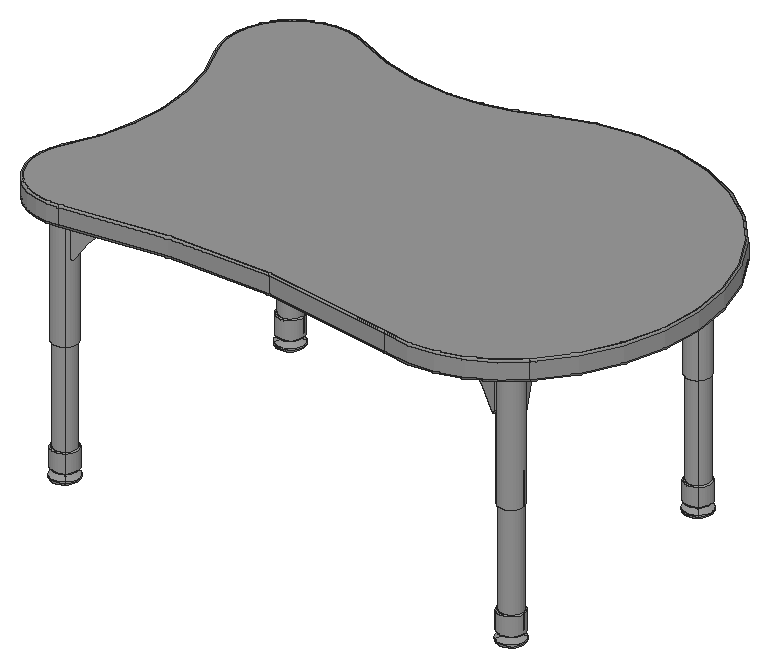
Revit family "Hierarchy Fender Large Desk - Youth Height", category Furniture, Revit 2018
Family settings
  Work Plane-Based = No
  Always vertical = Yes
  Cut with Voids When Loaded = No
  Shared = No
  Room Calculation Point = No
Parameters
  Desk Height = 1' - 4"
  Surface = Hierarchy Fender Large Desk Youth Surface
  Leg Finish = Hierarchy Leg Platinum
  Caster/Glide = Hierarchy Youth Leg - Glide : Hierarchy Youth Leg - Glide
  Edgeband = Hierarchy Fender Large Desk Youth Edgeband
Reference planes (in)
  plane 1 "Center (Front/Back)": y = 0
  plane 2: z = 0
  plane 3 "Center (Left/Right)": x = 0
  plane 4: z = 16
Dimensions and locks (in)
  "Desk Height": plane 4 to level
  aligned and locked: plane 2 to level
  aligned and locked: nested 1 to plane 4
Nested families (in)
  nested 1: "Fender Large Tabletop" at (0, 0, -8.625), type "Fender Large Tabletop"
  nested 2: "Hierarchy Youth Leg - Glide" at (-14.13555, 8.73036, 0) x (0.7187, 0.6953, 0) z (0, 0, 1), type <- "Caster/Glide", Leg Finish <- "Leg Finish", Leg Height <- "Desk Height", type "Hierarchy Youth Leg - Glide"
    with Leg Height 1' - 4", Leg Finish Hierarchy Leg Platinum
  nested 3: "Hierarchy Youth Leg - Glide" at (-14.44519, -8.95185, 0) x (-0.6523, 0.758, 0) z (0, 0, 1), type <- "Caster/Glide", Leg Finish <- "Leg Finish", Leg Height <- "Desk Height", type "Hierarchy Youth Leg - Glide"
    with Leg Height 1' - 4", Leg Finish Hierarchy Leg Platinum
  nested 4: "Hierarchy Youth Leg - Glide" at (13.41239, -7.99511, 0) x (-0.6516, -0.7585, 0) z (0, 0, 1), Leg Finish <- "Leg Finish", Leg Height <- "Desk Height", type "Hierarchy Youth Leg - Glide"
    with Leg Height 1' - 4", Leg Finish Hierarchy Leg Platinum
  nested 5: "Hierarchy Youth Leg - Glide" at (12.44548, 8.20488, 0) x (0.673, -0.7396, 0) z (0, 0, 1), Leg Finish <- "Leg Finish", Leg Height <- "Desk Height", type "Hierarchy Youth Leg - Glide"
    with Leg Height 1' - 4", Leg Finish Hierarchy Leg Platinum
Definition of nested family "Fender Large Tabletop"
  Parameters (values of type "Fender Large Tabletop")
    Surface = none
    Edgeband = none
  Reference planes (in)
    plane 1 "Center (Front/Back)": y = 0
    plane 2: z = 0
    plane 3 "Center (Left/Right)": x = 0
  Forms (in)
    Extrusion 1, solid, material <- "Surface"
      sketch origin (0, 0, 0) x (1, 0, 0) y (0, 1, 0)
        loop
          arc (-16.54, 5.85448) -> (-15.37005, 2.85446) -> (-14.9842, -0.34243) r 12.82588
          arc (-14.9842, -0.34243) -> (-15.38855, -3.47903) -> (-16.54139, -6.42397) r 12.94498
          arc (-16.54139, -6.42397) -> (-16.27167, -10.0573) -> (-12.85847, -11.33162) r 3.3774
          arc (-12.85847, -11.33162) -> (-6.5983, -10.38668) -> (-0.26914, -10.2302) r 50.64304
          arc (-0.26914, -10.2302) -> (3.88705, -10.56276) -> (8.00065, -11.24302) r 49.62977
          arc (8.00065, -11.24302) -> (11.97886, -11.04383) -> (15.34964, -8.92165) r 7.86744
          arc (15.34964, -8.92165) -> (16.24925, 7.27288) -> (0.46174, 10.99128) r 12.62621
          arc (0.46174, 10.99128) -> (-2.07479, 10.0375) -> (-4.75563, 9.64153) r 12.74533
          arc (-4.75563, 9.64153) -> (-8.12546, 9.94022) -> (-11.30862, 11.08587) r 13.19642
          arc (-11.30862, 11.08587) -> (-15.83026, 10.37612) -> (-16.54, 5.85448) r 3.88603
      from 24.625 to 25.875
    Sweep 2, solid, material <- "Edgeband"
      path origin (0, 0, 0) x (1, 0, 0) y (0, 1, 0)
        loop
          arc (-16.54, 5.85448) -> (-15.37005, 2.85446) -> (-14.9842, -0.34243) r 12.82588
          arc (-14.9842, -0.34243) -> (-15.38855, -3.47903) -> (-16.54139, -6.42397) r 12.94498
          arc (-16.54139, -6.42397) -> (-16.27167, -10.0573) -> (-12.85847, -11.33162) r 3.3774
          arc (-12.85847, -11.33162) -> (-6.5983, -10.38668) -> (-0.26914, -10.2302) r 50.64304
          arc (-0.26914, -10.2302) -> (3.88705, -10.56276) -> (8.00065, -11.24302) r 49.62977
          arc (8.00065, -11.24302) -> (11.97886, -11.04383) -> (15.34964, -8.92165) r 7.86744
          arc (15.34964, -8.92165) -> (16.24925, 7.27288) -> (0.46174, 10.99128) r 12.62621
          arc (0.46174, 10.99128) -> (-2.07479, 10.0375) -> (-4.75563, 9.64153) r 12.74533
          arc (-4.75563, 9.64153) -> (-8.12546, 9.94022) -> (-11.30862, 11.08587) r 13.19642
          arc (-11.30862, 11.08587) -> (-15.83026, 10.37612) -> (-16.54, 5.85448) r 3.88603
      profile origin (-15.37005, 2.85446, 0) x (0.9699, 0.243504, 0) y (0, 0, 1)
        loop
          arc (0, 25.87716) -> (-0.08991, 25.83991) -> (-0.12715, 25.75) r 0.12715
          line (-0.12715, 25.75) -> (-0.12715, 24.75)
          arc (-0.12715, 24.75) -> (-0.08991, 24.66009) -> (0, 24.62285) r 0.12715
          line (0, 24.62285) -> (0, 25.87716)
  Dimensions and locks (in)
    aligned and locked: plane 2 to level
Definition of nested family "Hierarchy Youth Leg - Glide"
  Parameters (values of type "Hierarchy Youth Leg - Glide")
    Leg Finish [instance] = none
    Leg Height [instance] = 1' - 4.80117"
  Reference planes (in)
    plane 1 "Center (Front/Back)": y = 0
    plane 2: z = 0
    plane 3 "Center (Left/Right)": x = 0
  Forms (in)
    Extrusion 1, solid
      sketch origin (-0.01562, 0, 0) x (1, 0, 0) y (0, 1, 0)
        loop
          circle (0.01563, 0) r 0.67016
      from 0.67618 to 10.55018
    Revolve 2, solid
      sketch origin (0, 0, 0) x (1, 0, 0) y (0, 0, 1)
        loop
          line (-0.73189, 1.80118) -> (-0.79439, 1.73867) -> (-0.79439, 0.61381) -> (-0.73176, 0.55118) -> (-0.125, 0.55118) -> (-0.125, 0.42618) -> (-0.84656, 0.16241) -> (-0.84656, 0.08994) -> (-0.81359, 0) -> (0, 0) -> (0, 1.80118) -> (-0.73189, 1.80118)
        axis (0, 1.80118) -> (0, 0)
      angle from 0 to 360
  Dimensions and locks (in)
    "Leg Height": nested 1 to level  (x2)
    aligned and locked: plane 2 to level
  Automatic sketch dimensions
    plane 1 "Center (Front/Back)" to Extrusion 1 sketch curve = 0' - 0"
    Extrusion 1 sketch curve to plane 3 "Center (Left/Right)" = 0' - 0"
    Revolve 2 sketch curve to level = 0' - 0"
    Revolve 2 sketch curve to plane 3 "Center (Left/Right)" = 0' - 0"  (x2)
    Revolve 2 sketch curve to plane 3 "Center (Left/Right)" = 0' - 0 1/8"
    Revolve 2 sketch curve to Revolve 2 sketch curve = 0' - 0.60676"
    Revolve 2 sketch curve to Revolve 2 sketch curve = 0' - 0.73189"
    Revolve 2 sketch curve to Revolve 2 sketch curve = 0' - 0.06263"  (x2)
    Revolve 2 sketch curve to Revolve 2 sketch curve = 0' - 0.08183"
    Revolve 2 sketch curve to Revolve 2 sketch curve = 0' - 0.03297"
    level to Revolve 2 sketch curve = 0' - 0.08994"
    Revolve 2 sketch curve to Revolve 2 sketch curve = 0' - 0.07247"
    level to Revolve 2 sketch curve = 0' - 0.42618"
    Revolve 2 sketch curve to Revolve 2 sketch curve = 0' - 0 1/8"
    Revolve 2 sketch curve to Revolve 2 sketch curve = 0' - 1.12486"
    Revolve 2 sketch curve to Revolve 2 sketch curve = 0' - 0 1/16"
    Revolve 2 sketch curve to level = 2' - 0"
    Revolve 2 sketch curve to Revolve 2 sketch curve = 8' - 4.91764"
    radius of Extrusion 1 sketch curve = 0' - 0.67016"
  Nested families (in)
    nested 1: "Hierarchy Youth Upper Leg 2023" at (0, 0, 0), Leg Finish <- "Leg Finish", type "Hierarchy Youth Upper Leg 2023"
      with Leg Finish none
  Definition of nested family "Hierarchy Youth Upper Leg 2023"
    Parameters (values of type "Hierarchy Youth Upper Leg 2023")
      Leg Finish [instance] = none
    Reference planes (in)
      plane 1 "Center (Front/Back)": y = 0
      plane 2: z = 0
      plane 3 "Center (Left/Right)": x = 0
    Forms (in)
      Extrusion 1, solid, material <- "Leg Finish"
        sketch origin (0, 0, -11.001) x (1, 0, 0) y (0, 1, 0)
          loop
            circle (0, 0) r 0.75
        from 19.67618 to 27.67618
      Extrusion 2, solid, material <- "Leg Finish"
        sketch origin (0, 0, -11.001) x (1, 0, 0) y (0, 1, 0)
          loop
            line (-1.70174, 0.19183) -> (-2.88626, -2.26116)
            arc (-2.88626, -2.26116) -> (-2.83993, -3.09822) -> (-2.1063, -3.50394) r 0.86614
            line (-2.1063, -3.50394) -> (2.1063, -3.50394)
            arc (2.1063, -3.50394) -> (2.83993, -3.09822) -> (2.88626, -2.26116) r 0.86614
            line (2.88626, -2.26116) -> (1.70174, 0.19183)
            arc (1.70174, 0.19183) -> (0, 1.25984) -> (-1.70174, 0.19183) r 1.88976
        from 27.67618 to 27.80217
      Extrusion 3, solid, material <- "Leg Finish"
        sketch origin (-1.48519, 8.66524, -11.001) x (-0.434844, 0.900506, 0) y (0, 0, 1)
          loop
            line (-9.01425, 27.67618) -> (-11.80952, 27.67618)
            arc (-11.80952, 27.67618) -> (-11.92325, 27.58993) -> (-11.87088, 27.45715) r 0.11811
            arc (-11.87088, 27.45715) -> (-10.39364, 26.29679) -> (-9.23328, 24.81955) r 7.87402
            arc (-9.23328, 24.81955) -> (-9.1005, 24.76717) -> (-9.01425, 24.88091) r 0.11811
            line (-9.01425, 24.88091) -> (-9.01425, 27.67618)
        from -1.94075 to -1.81476
      Extrusion 4, solid, material <- "Leg Finish"
        sketch origin (1.48519, 8.66524, -11.001) x (0.434844, 0.900506, 0) y (0, 0, -1)
          loop
            line (-9.01425, -27.67618) -> (-9.01425, -24.88091)
            arc (-9.01425, -24.88091) -> (-9.1005, -24.76717) -> (-9.23328, -24.81955) r 0.11811
            arc (-9.23328, -24.81955) -> (-10.39364, -26.29679) -> (-11.87088, -27.45715) r 7.87402
            arc (-11.87088, -27.45715) -> (-11.92325, -27.58993) -> (-11.80952, -27.67618) r 0.11811
            line (-11.80952, -27.67618) -> (-9.01425, -27.67618)
        from -1.94075 to -1.81476
    Dimensions and locks (in)
      aligned and locked: plane 2 to level
